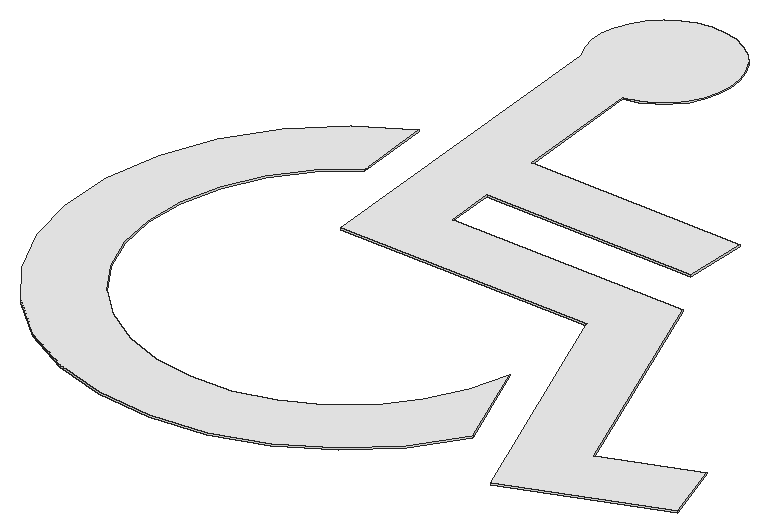
Revit family "f4480f55010e4274af0550fd48afda69", category Site, Revit 2021
Family settings
  Round Connector Dimension = Use Diameter
  Part Type = Normal
  Seek Item ID = Parking Symbol - ADA-0000-USA-ENU
  Work Plane-Based = No
  Always vertical = No
  Cut with Voids When Loaded = No
  Shared = No
Reference planes (in)
  plane 1 "Center (Front/Back)": y = 0
  plane 2: z = 0
  plane 3 "Center (Left/Right)": x = 0
Forms (in)
  Extrusion 1, solid, material "Paint - White"
    sketch origin (0, 0, 0) x (1, 0, 0) y (0, 1, 0)
      loop
        arc (0.65113, 10.10759) -> (1.31527, 15.03046) -> (-2.01565, 11.34526) r 2.60019
        line (-2.01565, 11.34526) -> (-1.01878, -1.73313) -> (8.70079, -1.73313) -> (12.62599, -11.38623) -> (18.23343, -9.14422) -> (17.40018, -6.71495) -> (14.04153, -8.05784) -> (10.42674, 0.83187) -> (1.35815, 0.83187) -> (1.21663, 2.68861) -> (9.26153, 2.68861) -> (9.26153, 5.11746) -> (1.03149, 5.11746) -> (0.65113, 10.10759)
      loop
        line (-2.74222, 1.59023) -> (-2.96996, 4.57793)
        arc (-2.96996, 4.57793) -> (-5.85579, -11.49715) -> (10.34462, -9.4277) r 10.12875
        line (10.34462, -9.4277) -> (8.822, -5.68318)
        arc (8.822, -5.68318) -> (-2.46998, -10.80679) -> (-2.74222, 1.59023) r 7.42875
    from 0 to 0.0625
